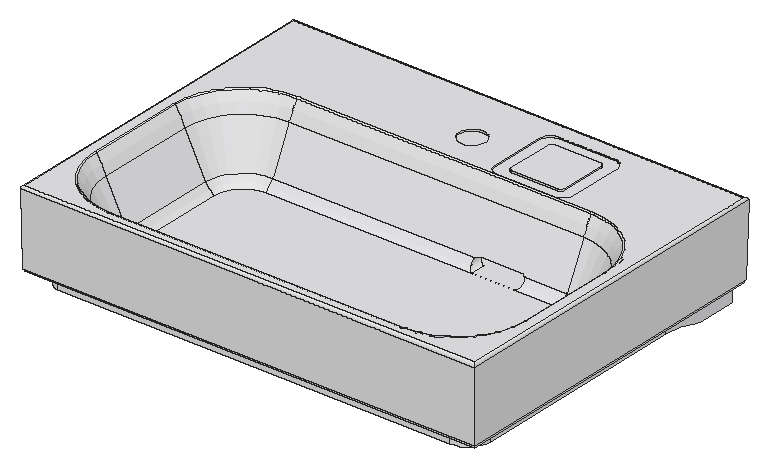
Revit family "Sink-Vanity_Top-Lavatory-KOHLER-MAXISPACE-K-96120T_1", category Plumbing Fixtures, host Face, Revit 2017
Family settings
  Host = Face
  Round Connector Dimension = Use Diameter
  Part Type = Normal
  OmniClass Number = 23.31.13.00
  OmniClass Title = Sinks
  Cut with Voids When Loaded = No
  Shared = No
  Room Calculation Point = No
Parameters (values of type "0-White")
  Width = 23 159/256"  # constant formula
  WaterSense Certified = 1 = 0  # no
  Waste Water Outlet = "Waste Water Outlet"  # constant formula
  Waste Connection = 1 = 1  # yes
  Vent Connection = 1 = 0  # no
  URL = "http://www.kohler.com.cn/"
  Type = 1
  Product Page URL = "https://www.kohler.com.cn/product/K-96120T-1-0/K-96120T-1-0/"
  Product Name = "MAXISPACE\r\n"  # constant formula
  Product Documentation Link = "https://files.kohler.com.cn/pdfs/96120T-1-0.pdf"
  Model = "K-96120T-1-0"  # constant formula
  Material = "Fireclay"  # constant formula
  Master Format 2014 Name = "Residential Lavatories and Sinks"  # constant formula
  Master Format 2014 = "22 41 16"  # constant formula
  Manufacturer Address = "Kohler Beijing Office (100016) 36-2-03-B, No. 88, Liuxiang Road, Beijing"  # constant formula
  Manufacturer = "KOHLER Co."  # constant formula
  Length = 17 183/256"  # constant formula
  Hot Water Inlet = "Hot Water Inlet"  # constant formula
  Height = 5 181/256"  # constant formula
  HW Connection = 1 = 0  # no
  Finish = KOHLER-Fireclay-0-White
  Environmental Product Declaration = ""
  Drain Included = 1 = 0  # no
  Description = "Bona 600mm integrated basin"  # constant formula
  Default Elevation = 36"
  Declare Label = ""
  Date Modified = "07/24/2020"  # constant formula
  Date Created = "07/24/2020"  # constant formula
  Copyright = "Copyright KOHLER Co."  # constant formula
  Contact Us = "http://www.kohler.com.cn/contact/contact-us/"
  Cold Water Inlet = "Cold Water Inlet"  # constant formula
  CW Connection = 1 = 0  # no
  Assembly Code = "D2010400"
  ADA Compliant = 1 = 0  # no
Reference planes (in)
  plane 1 "Center (Front/Back)": y = 0
  plane 2: z = 0
  plane 3 "Center (Left/Right)": x = 0
  plane 4: x = -11.8110236
  plane 5: y = 8.8582677
  plane 6: x = 11.8100701
  plane 7: y = -8.856576
  plane 8: x = 10.984252
  plane 9: x = -10.984252
  plane 10: y = -8.1102362
  plane 11: y = 3.7007874
  plane 12: y = 5.7086614
  plane 13: y = 5.9448819
  plane 14: x = 4.1732283
  plane 15: z = 3.9370079
  plane 16: z = -1.7700234
Forms (in)
  Extrusion 1, void
    sketch origin (0, 0, 0) x (1, 0, 0) y (0, 1, 0)
      loop
        line (-11.3248032, 8.8619154) -> (-11.3248032, -8.3602237) -> (11.3248032, -8.3602237) -> (11.3248032, 8.8619154) -> (-11.3248032, 8.8619154)
    from -1.7716535 to 0
Dimensions and locks (in)
  "Width": plane 4 to plane 6
  "Length": plane 7 to plane 5
  "Height": plane 15 to plane 16
  locked: plane 15 to plane 2 at 3.9370079
  aligned and locked: plane 2 to host face
  aligned and locked: level to host face
Automatic sketch dimensions
  host sketch curve to host sketch curve = 96"  (x2)
  Extrusion 1 sketch curve to plane 4 = 0.48622"
  Extrusion 1 sketch curve to plane 5 = 0.00365"
  plane 6 to Extrusion 1 sketch curve = 0.48527"
  Extrusion 1 sketch curve to plane 7 = 0.49635"
Nested families (in)
  nested 1: "K-96120T" at (0, 0, -1.7716535), type "K-96120T"
Connectors (in)
  piping at (4.1732283, 5.9448819, -1.7716535), diameter 1.25, driven by "Waste Connection", driven by "Waste Water Outlet"
    settings: on nested 1, index 1, connector inside diameter 24", connector length 0", flow factor 0, pipe flow 0 GPM, pressure drop 0.00 psi, fitting loss kfactor 0, connector angle 0.00°, fixture units 0, engagement length 0", angle of deflection 0.00°, flow configuration 0, flow direction 2, fitting loss method 0, system type 16, joint type 0, gender type 0, connector reference index -1, connector utility 1, adjustable connector no, is connector primary yes, connector description "Waste Water Outlet"
Definition of nested family "K-96120T"
  Parameters (values of type "K-96120T")
    Material = none
  Reference planes (in)
    plane 1 "Center (Front/Back)": y = 0
    plane 2: z = 0
    plane 3 "Center (Left/Right)": x = 0
    plane 4: x = -11.8110236
    plane 5: x = 11.8110236
    plane 6: y = -8.8582677
    plane 7: y = 8.8582677
    plane 8: x = 4.1732283
    plane 9: y = 5.7086614
    plane 10 "A": y = 5.9448819
    plane 11: y = 3.7007874
    plane 12: y = -8.1102362
    plane 13: x = -10.984252
    plane 14: x = 10.984252
    plane 15: z = 5.7086614
    plane 16: z = 1.7716535
  Forms (in)
    Sweep 1, solid, material <- "Material", detail levels medium+fine
      path origin (0, 0, 0) x (1, 0, 0) y (0, 1, 0)
        loop
          line (-11.8110236, 8.8582677) -> (-11.8110236, -8.8582677) -> (11.8110236, -8.8582677) -> (11.8110236, 8.8582677) -> (-11.8110236, 8.8582677)
      profile origin (-11.8110236, 0, 0) x (1, 0, 0) y (0, 0, 1)
        loop
          line (0.0577986, 1.8700787) -> (0.1181102, 1.8700787) -> (0.1181102, 1.7716535) -> (0.2362205, 1.7716535) -> (0.2362205, 5.728333) -> (0.1363312, 5.728333)
          arc (0.1363312, 5.728333) -> (0.0380587, 5.6871672) -> (-0.0015339, 5.5882504) r 0.1378826
          line (-0.0015339, 5.5882504) -> (0.0577986, 1.8700787)
    Sweep 2, solid, material <- "Material", detail levels medium+fine
      path origin (0, 0, 0) x (1, 0, 0) y (0, 1, 0)
        loop
          line (7.6377953, 3.7007874) -> (-7.6377953, 3.7007874)
          arc (-7.6377953, 3.7007874) -> (-10.0040975, 2.7206329) -> (-10.984252, 0.3543307) r 3.3464567
          line (-10.984252, 0.3543307) -> (-10.984252, -4.7637795)
          arc (-10.984252, -4.7637795) -> (-10.0040975, -7.1300817) -> (-7.6377953, -8.1102362) r 3.3464567
          line (-7.6377953, -8.1102362) -> (7.6377953, -8.1102362)
          arc (7.6377953, -8.1102362) -> (10.0040975, -7.1300817) -> (10.984252, -4.7637795) r 3.3464567
          line (10.984252, -4.7637795) -> (10.984252, 0.3543307)
          arc (10.984252, 0.3543307) -> (10.0040975, 2.7206329) -> (7.6377953, 3.7007874) r 3.3464567
      profile origin (-10.984252, -2.2047244, 0) x (1, 0, 0) y (0, 0, 1)
        loop
          arc (1.4011478, 2.6504115) -> (0.8077612, 3.6983084) -> (0.3231575, 4.8007396) r 11.9174289
          arc (0.3231575, 4.8007396) -> (0.1140953, 5.2601686) -> (-0.1514199, 5.6894513) r 3.9810976
          arc (-0.1514199, 5.6894513) -> (-0.1843508, 5.7180486) -> (-0.2267324, 5.7283465) r 0.0923613
          line (-0.2267324, 5.7283465) -> (-0.261034, 5.7283465) -> (-0.261034, 5.6212748) -> (1.2457771, 1.6958979) -> (3.1059737, 1.6958979) -> (3.1059737, 1.791352) -> (2.9643334, 1.791352)
          arc (2.9643334, 1.791352) -> (2.0724909, 2.0202661) -> (1.4011478, 2.6504115) r 1.8517531
    Extrusion 3, solid, material <- "Material", detail levels medium+fine
      sketch origin (0, 0, 0) x (1, 0, 0) y (0, 1, 0)
        loop
          arc (-7.8782782, -4.7637795) -> (-7.8078424, -4.9338267) -> (-7.6377953, -5.0042625) r 0.240483
          line (-7.6377953, -5.0042625) -> (7.6377953, -5.0042625)
          arc (7.6377953, -5.0042625) -> (7.8078424, -4.9338267) -> (7.8782782, -4.7637795) r 0.240483
          line (7.8782782, -4.7637795) -> (7.8782782, 0.3543307)
          arc (7.8782782, 0.3543307) -> (7.8078424, 0.5243778) -> (7.6377953, 0.5948137) r 0.240483
          line (7.6377953, 0.5948137) -> (-7.6377953, 0.5948137)
          arc (-7.6377953, 0.5948137) -> (-7.8078424, 0.5243778) -> (-7.8782782, 0.3543307) r 0.240483
          line (-7.8782782, 0.3543307) -> (-7.8782782, -4.7637795)
      from 1.6958979 to 1.7913386
    Extrusion 4, solid, material <- "Material", detail levels medium+fine
      sketch origin (0, 0, 0) x (1, 0, 0) y (0, 1, 0)
        loop
          line (-11.5748032, 8.6220473) -> (-11.5748032, -8.6220473) -> (11.5748032, -8.6220473) -> (11.5748032, 8.6220473) -> (-11.5748032, 8.6220473)
        loop
          line (7.6377953, 3.9618214) -> (-7.6377953, 3.9618214)
          arc (-7.6377953, 3.9618214) -> (-10.1886764, 2.9052118) -> (-11.2452859, 0.3543307) r 3.6074907
          line (-11.2452859, 0.3543307) -> (-11.2452859, -4.7637795)
          arc (-11.2452859, -4.7637795) -> (-10.1886764, -7.3146606) -> (-7.6377953, -8.3712702) r 3.6074907
          line (-7.6377953, -8.3712702) -> (7.6377953, -8.3712702)
          arc (7.6377953, -8.3712702) -> (10.1886764, -7.3146606) -> (11.2452859, -4.7637795) r 3.6074907
          line (11.2452859, -4.7637795) -> (11.2452859, 0.3543307)
          arc (11.2452859, 0.3543307) -> (10.1886764, 2.9052118) -> (7.6377953, 3.9618214) r 3.6074907
      from 5.6212748 to 5.728333
    Extrusion 5, solid, material <- "Material", detail levels medium+fine
      sketch origin (0, 0, 0) x (1, 0, 0) y (0, 1, 0)
        loop
          line (-10.4820263, -8.0651386) -> (9.8709072, -8.0651386)
          arc (9.8709072, -8.0651386) -> (10.7060727, -7.7192017) -> (11.0520096, -6.8840362) r 1.1811024
          line (11.0520096, -6.8840362) -> (11.0520096, 4.4756074) -> (9.9073734, 4.4756074) -> (9.9073734, -6.3455879)
          arc (9.9073734, -6.3455879) -> (9.6767488, -6.9023648) -> (9.1199718, -7.1329894) r 0.7874016
          line (9.1199718, -7.1329894) -> (-9.1405397, -7.1329894)
          arc (-9.1405397, -7.1329894) -> (-9.6973167, -6.9023648) -> (-9.9279413, -6.3455879) r 0.7874016
          line (-9.9279413, -6.3455879) -> (-9.9279413, 4.4756074) -> (-11.0725774, 4.4756074) -> (-11.0725774, -7.4745874)
          arc (-11.0725774, -7.4745874) -> (-10.899609, -7.8921701) -> (-10.4820263, -8.0651386) r 0.5905512
      from 1.003937 to 1.7913386
    Extrusion 6, solid, material <- "Material", detail levels medium+fine
      sketch origin (0, 0, 0) x (1, 0, 0) y (0, 1, 0)
        loop
          line (11.5748032, 8.2734441) -> (-11.5748032, 8.2734441) -> (-11.5748032, -8.6220473) -> (11.5748032, -8.6220473) -> (11.5748032, 8.2734441)
      from 1.7913386 to 2.1850394
    Extrusion 7, void
      sketch origin (0, 0, 0) x (1, 0, 0) y (0, 1, 0)
        loop
          circle (0, 5.7086614) r 0.6875821
        loop
          arc (2.7597454, 7.9357026) -> (2.3421609, 7.7627351) -> (2.1691916, 7.3451515) r 0.5905512
          line (2.1691916, 7.3451515) -> (2.1691916, 4.4652373)
          arc (2.1691916, 4.4652373) -> (2.318764, 4.1041388) -> (2.6798632, 3.954568) r 0.5106693
          line (2.6798632, 3.954568) -> (5.6379752, 3.9545812)
          arc (5.6379752, 3.9545812) -> (6.0555562, 4.1275506) -> (6.2285237, 4.5451324) r 0.5905512
          line (6.2285237, 4.5451324) -> (6.2285237, 7.2999939)
          arc (6.2285237, 7.2999939) -> (6.0423336, 7.7494979) -> (5.5928305, 7.93569) r 0.6356961
          line (5.5928305, 7.93569) -> (2.7597454, 7.9357026)
        loop
          arc (2.8016271, 4.7377953) -> (2.8592832, 4.598601) -> (2.9984775, 4.5409449) r 0.1968504
          line (2.9984775, 4.5409449) -> (5.3732806, 4.5409449)
          arc (5.3732806, 4.5409449) -> (5.5124749, 4.598601) -> (5.570131, 4.7377953) r 0.1968504
          line (5.570131, 4.7377953) -> (5.570131, 7.1125984)
          arc (5.570131, 7.1125984) -> (5.5124749, 7.2517927) -> (5.3732806, 7.3094488) r 0.1968504
          line (5.3732806, 7.3094488) -> (2.9984775, 7.3094488)
          arc (2.9984775, 7.3094488) -> (2.8592832, 7.2517927) -> (2.8016271, 7.1125984) r 0.1968504
          line (2.8016271, 7.1125984) -> (2.8016271, 4.7377953)
      from 5.6672494 to 6.5698242
    Extrusion 8, solid, material <- "Material", detail levels medium+fine
      sketch origin (0, 0, 0) x (0, 1, 0) y (0, 0, 1)
        loop
          line (8.7401575, 0.6102362) -> (8.7401575, 1.791653) -> (4.4756074, 1.791653) -> (4.4756074, 1.003937)
          arc (4.4756074, 1.003937) -> (5.4184032, 0.9219457) -> (6.3332433, 0.6797592) r 5.5073679
          arc (6.3332433, 0.6797592) -> (6.5298602, 0.6277468) -> (6.7324853, 0.6102362) r 1.1811024
          line (6.7324853, 0.6102362) -> (8.7401575, 0.6102362)
      from -11.0725774 to -9.9279413
    Extrusion 9, solid, material <- "Material", detail levels medium+fine
      sketch origin (21.0629921, 0, 0) x (0, 1, 0) y (0, 0, 1)
        loop
          line (8.7401575, 0.6102362) -> (8.7401575, 1.791653) -> (4.4756074, 1.791653) -> (4.4756074, 1.003937)
          arc (4.4756074, 1.003937) -> (5.4184032, 0.9219457) -> (6.3332433, 0.6797592) r 5.5073679
          arc (6.3332433, 0.6797592) -> (6.5298602, 0.6277468) -> (6.7324853, 0.6102362) r 1.1811024
          line (6.7324853, 0.6102362) -> (8.7401575, 0.6102362)
      from -11.1556187 to -10.0109826
    Extrusion 10, void
      sketch origin (0, 0, 0) x (1, 0, 0) y (0, 0, 1)
        loop
          line (8.584273, 2.3818898) -> (8.4893215, 4.1936713)
          arc (8.4893215, 4.1936713) -> (8.329806, 4.5396872) -> (7.9759159, 4.680875) r 0.5141102
          line (7.9759159, 4.680875) -> (6.7327954, 4.680875)
          arc (6.7327954, 4.680875) -> (6.3910062, 4.5436498) -> (6.239003, 4.2081716) r 0.4942628
          line (6.239003, 4.2081716) -> (6.1592658, 2.3818898) -> (8.584273, 2.3818898)
        loop
          line (0.047194, 2.3818898) -> (-0.043961, 4.1212309)
          arc (-0.043961, 4.1212309) -> (-0.2271942, 4.5186945) -> (-0.6337028, 4.680875) r 0.5905512
          line (-0.6337028, 4.680875) -> (-5.7380218, 4.680875)
          arc (-5.7380218, 4.680875) -> (-6.1445304, 4.5186945) -> (-6.3277636, 4.1212309) r 0.5905512
          line (-6.3277636, 4.1212309) -> (-6.4189186, 2.3818898) -> (0.047194, 2.3818898)
        loop
          line (0.9117001, 4.3503937) -> (0.5237995, 4.3503937)
          arc (0.5237995, 4.3503937) -> (0.1300988, 3.9566929) -> (0.5237995, 3.5629921) r 0.3937008
          line (0.5237995, 3.5629921) -> (0.9117001, 3.5629921)
          arc (0.9117001, 3.5629921) -> (1.3054009, 3.9566929) -> (0.9117001, 4.3503937) r 0.3937008
        loop
          line (-7.2422413, 3.5629921) -> (-6.8517457, 3.5629921)
          arc (-6.8517457, 3.5629921) -> (-6.4580449, 3.9566929) -> (-6.8517457, 4.3503937) r 0.3937008
          line (-6.8517457, 4.3503937) -> (-7.2422413, 4.3503937)
          arc (-7.2422413, 4.3503937) -> (-7.6359421, 3.9566929) -> (-7.2422413, 3.5629921) r 0.3937008
      from -9.1479589 to -8.6973439
    Extrusion 11, void
      sketch origin (0, 0, 0) x (1, 0, 0) y (0, 0, 1)
        loop
          arc (9.9073734, 1.8763015) -> (9.8169462, 2.0946121) -> (9.5986355, 2.1850394) r 0.3087379
          line (9.5986355, 2.1850394) -> (-9.6208546, 2.1850394)
          arc (-9.6208546, 2.1850394) -> (-9.8379977, 2.0950958) -> (-9.9279413, 1.8779528) r 0.3070866
          line (-9.9279413, 1.8779528) -> (-9.9279413, 0.6102362) -> (9.9073734, 0.6102362) -> (9.9073734, 1.8763015)
      from -9.6015063 to -7.5850394
    Revolve 12, solid, material <- "Material", detail levels medium+fine
      sketch origin (0, 5.9448819, 0) x (-1, 0, 0) y (0, 0, 1)
        loop
          line (-4.1732283, 0.2986093) -> (-3.8250049, 0.2986093) -> (-3.8250049, 0) -> (-2.9628383, 0)
          arc (-2.9628383, 0) -> (-2.8735642, 0.0239209) -> (-2.8082111, 0.0892741) r 0.1785481
          line (-2.8082111, 0.0892741) -> (-2.6720182, 0.325167)
          arc (-2.6720182, 0.325167) -> (-2.5928963, 0.4155884) -> (-2.4853117, 0.4690848) r 0.3096478
          arc (-2.4853117, 0.4690848) -> (-2.2496504, 0.6213346) -> (-2.1449591, 0.8816345) r 0.463615
          line (-2.1449591, 0.8816345) -> (-2.0470463, 2.1847715) -> (-4.1732283, 2.1847715) -> (-4.1732283, 0.2986093)
        axis (-4.1732283, 2.1847715) -> (-4.1732283, 0)
      angle from 0 to 360
    Extrusion 13, solid, material <- "Material", detail levels medium+fine
      sketch origin (0, 0, 0) x (0, 1, 0) y (0, 0, 1)
        loop
          arc (3.1001192, 0.4793129) -> (3.7948288, 0.6573237) -> (4.2416849, 1.2182417) r 1.1275642
          line (4.2416849, 1.2182417) -> (-5.8964638, 1.2182417) -> (-5.8964638, 1.0032103) -> (3.1001192, 0.4793129)
      from -9.9279413 to 9.9073734
    Extrusion 14, void
      sketch origin (0, 0, 0) x (1, 0, 0) y (0, 1, 0)
        loop
          circle (4.1732283, 5.9448819) r 2.3622047
      from -0.0767747 to 2.7589896
    Extrusion 15, void
      sketch origin (0, 0, 0) x (1, 0, 0) y (0, 0, 1)
        loop
          line (6.2438462, 1.6175654) -> (6.2937246, 2.1847715) -> (2.0470463, 2.1847715) -> (2.0945205, 1.6175654) -> (6.2438462, 1.6175654)
      from -9.6902779 to -7.3094488
    Extrusion 16, void
      sketch origin (0, 0, 1.1626476) x (1, 0, 0) y (0, 0, 1)
        loop
          arc (3.1182043, 1.5910282) -> (2.8242953, 1.2971192) -> (3.1182043, 1.0032103) r 0.293909
          line (3.1182043, 1.0032103) -> (5.2214251, 1.0032103)
          arc (5.2214251, 1.0032103) -> (5.5153341, 1.2971192) -> (5.2214251, 1.5910282) r 0.293909
          line (5.2214251, 1.5910282) -> (3.1182043, 1.5910282)
      from -2.7969812 to -1.7653399
    Extrusion 17, solid, material <- "Material", detail levels coarse
      sketch origin (0, 0, 0) x (1, 0, 0) y (0, 1, 0)
        loop
          line (-11.8110236, 8.8582677) -> (-11.8110236, -8.8582677) -> (11.8110236, -8.8582677) -> (11.8110236, 8.8582677) -> (-11.8110236, 8.8582677)
        loop
          arc (-6.7177269, 3.9618214) -> (-9.9191946, 2.63573) -> (-11.2452859, -0.5657377) r 4.5275591
          line (-11.2452859, -0.5657377) -> (-11.2452859, -3.8437111)
          arc (-11.2452859, -3.8437111) -> (-9.9191946, -7.0451788) -> (-6.7177269, -8.3712702) r 4.5275591
          line (-6.7177269, -8.3712702) -> (6.7177269, -8.3712702)
          arc (6.7177269, -8.3712702) -> (9.9191946, -7.0451788) -> (11.2452859, -3.8437111) r 4.5275591
          line (11.2452859, -3.8437111) -> (11.2452859, -0.5657377)
          arc (11.2452859, -0.5657377) -> (9.9191946, 2.63573) -> (6.7177269, 3.9618214) r 4.5275591
          line (6.7177269, 3.9618214) -> (-6.7177269, 3.9618214)
      from 1.7716535 to 5.728333
    Revolve 18, solid, material <- "Material", detail levels coarse
      sketch origin (0, 5.9448819, 0) x (-1, 0, 0) y (0, 0, 1)
        loop
          line (-4.1732283, 0) -> (-2.2112018, 0) -> (-2.0470463, 2.1847715) -> (-4.1732283, 2.1847715) -> (-4.1732283, 0)
        axis (-4.1732283, 2.1847715) -> (-4.1732283, 0)
      angle from 0 to 360
    Extrusion 19, solid, material <- "Material", detail levels coarse
      sketch origin (0, 0, 0) x (1, 0, 0) y (0, 1, 0)
        loop
          line (6.7177269, 3.9618214) -> (-6.7177269, 3.9618214)
          arc (-6.7177269, 3.9618214) -> (-9.9191946, 2.63573) -> (-11.2452859, -0.5657377) r 4.5275591
          line (-11.2452859, -0.5657377) -> (-11.2452859, -3.8437111)
          arc (-11.2452859, -3.8437111) -> (-9.9191946, -7.0451788) -> (-6.7177269, -8.3712702) r 4.5275591
          line (-6.7177269, -8.3712702) -> (6.7177269, -8.3712702)
          arc (6.7177269, -8.3712702) -> (9.9191946, -7.0451788) -> (11.2452859, -3.8437111) r 4.5275591
          line (11.2452859, -3.8437111) -> (11.2452859, -0.5657377)
          arc (11.2452859, -0.5657377) -> (9.9191946, 2.63573) -> (6.7177269, 3.9618214) r 4.5275591
      from 1.7913386 to 2.1847715
  Cuts and joins
    Extrusion 10, Extrusion 11, Extrusion 14 cuts Sweep 1
    Extrusion 16 cuts Sweep 2
    Extrusion 7 cuts Extrusion 4
    joined: Sweep 1, Sweep 2, Extrusion 3, Extrusion 4, Extrusion 5, Revolve 12, Extrusion 13
    joined: Extrusion 8, Extrusion 9
    Extrusion 14, Extrusion 15 cuts Extrusion 6
    joined: Extrusion 17, Revolve 18, Extrusion 19
  Lines and regions (in)
    Masking region 1
      outline origin (0, 0, 0) x (1, 0, 0) y (0, 1, 0)
        loop
          line (-11.8110236, 8.4645669) -> (-11.8110236, -8.4645669)
          arc (-11.8110236, -8.4645669) -> (-11.6957113, -8.7429554) -> (-11.4173228, -8.8582677) r 0.3937008
          line (-11.4173228, -8.8582677) -> (11.4173228, -8.8582677)
          arc (11.4173228, -8.8582677) -> (11.6957113, -8.7429554) -> (11.8110236, -8.4645669) r 0.3937008
          line (11.8110236, -8.4645669) -> (11.8110236, 8.4645669)
          arc (11.8110236, 8.4645669) -> (11.6957113, 8.7429554) -> (11.4173228, 8.8582677) r 0.3937008
          line (11.4173228, 8.8582677) -> (-11.4173228, 8.8582677)
          arc (-11.4173228, 8.8582677) -> (-11.6957113, 8.7429554) -> (-11.8110236, 8.4645669) r 0.3937008
    Masking region 2
      outline origin (0, 0, 0) x (1, 0, 0) y (0, 0, 1)
        loop
          arc (-11.6998568, 5.7086614) -> (-11.7802577, 5.6749819) -> (-11.8126501, 5.5940538) r 0.1128077
          line (-11.8126501, 5.5940538) -> (-11.753225, 1.8700787) -> (-11.6929134, 1.8700787) -> (-11.6929134, 1.7716535) -> (-11.0725774, 1.7716535) -> (-11.0725774, 0.8464567)
          arc (-11.0725774, 0.8464567) -> (-11.0033901, 0.6794236) -> (-10.836357, 0.6102362) r 0.2362205
          line (-10.836357, 0.6102362) -> (-9.9279413, 0.6102362)
          arc (-9.9279413, 0.6102362) -> (-3.6727625, 0.5420528) -> (2.5794438, 0.3375349) r 286.9605635
          arc (2.5794438, 0.3375349) -> (2.6542742, 0.3148374) -> (2.7089618, 0.2589444) r 0.1574803
          line (2.7089618, 0.2589444) -> (2.8584634, 0) -> (5.3838115, 0)
          arc (5.3838115, 0) -> (5.4740355, 0.0241755) -> (5.5400841, 0.090224) r 0.1804481
          line (5.5400841, 0.090224) -> (5.642847, 0.2682145)
          arc (5.642847, 0.2682145) -> (5.6920093, 0.3205956) -> (5.7593213, 0.3456913) r 0.1574803
          arc (5.7593213, 0.3456913) -> (7.8394384, 0.5440335) -> (9.9279413, 0.6102362) r 32.9762054
          line (9.9279413, 0.6102362) -> (10.836357, 0.6102362)
          arc (10.836357, 0.6102362) -> (11.0033901, 0.6794236) -> (11.0725774, 0.8464567) r 0.2362205
          line (11.0725774, 0.8464567) -> (11.0725774, 1.7716535) -> (11.6929134, 1.7716535) -> (11.6929134, 1.8700787) -> (11.753225, 1.8700787) -> (11.8126501, 5.5940538)
          arc (11.8126501, 5.5940538) -> (11.7802577, 5.6749819) -> (11.6998568, 5.7086614) r 0.1128077
          line (11.6998568, 5.7086614) -> (-11.6998568, 5.7086614)
    Masking region 3
      outline origin (0, 0, 0) x (0, 1, 0) y (0, 0, 1)
        loop
          line (8.756935, 5.7086614) -> (-8.7520779, 5.7086614)
          arc (-8.7520779, 5.7086614) -> (-8.8289877, 5.6764443) -> (-8.8599736, 5.5990302) r 0.1079095
          line (-8.8599736, 5.5990302) -> (-8.8004691, 1.8700787) -> (-8.7401575, 1.8700787) -> (-8.7401575, 1.7716535) -> (-8.3287156, 1.7716535)
          arc (-8.3287156, 1.7716535) -> (-8.2003721, 1.7240614) -> (-8.1340873, 1.6042976) r 0.1968504
          line (-8.1340873, 1.6042976) -> (-8.0836857, 1.2717066)
          arc (-8.0836857, 1.2717066) -> (-7.97763, 1.0800844) -> (-7.7722805, 1.003937) r 0.3149606
          line (-7.7722805, 1.003937) -> (-7.4156651, 1.003937)
          arc (-7.4156651, 1.003937) -> (-7.3064042, 1.0234958) -> (-7.2107134, 1.0797429) r 0.3149606
          line (-7.2107134, 1.0797429) -> (3.1001192, 0.4793129)
          arc (3.1001192, 0.4793129) -> (3.5083978, 0.5245654) -> (3.8733733, 0.7130651) r 1.1275642
          arc (3.8733733, 0.7130651) -> (3.9099205, 0.6963127) -> (3.9374849, 0.667046) r 0.104927
          arc (3.9374849, 0.667046) -> (4.0715549, 0.531631) -> (4.2502338, 0.4654051) r 0.441091
          arc (4.2502338, 0.4654051) -> (4.4308934, 0.3767183) -> (4.52315, 0.1978553) r 0.3207395
          line (4.52315, 0.1978553) -> (4.5345237, 0.1260446)
          arc (4.5345237, 0.1260446) -> (4.5850632, 0.0357999) -> (4.682103, 0) r 0.1494189
          line (4.682103, 0) -> (7.1584482, 0)
          arc (7.1584482, 0) -> (7.255488, 0.0357999) -> (7.3060275, 0.1260446) r 0.1494189
          line (7.3060275, 0.1260446) -> (7.3174012, 0.1978553)
          arc (7.3174012, 0.1978553) -> (7.4096578, 0.3767183) -> (7.5903174, 0.4654051) r 0.3207395
          arc (7.5903174, 0.4654051) -> (7.7383851, 0.5135972) -> (7.860481, 0.6102362) r 0.441091
          line (7.860481, 0.6102362) -> (8.8582637, 0.6102362) -> (8.8582637, 5.6073327)
          arc (8.8582637, 5.6073327) -> (8.8285852, 5.6789829) -> (8.756935, 5.7086614) r 0.1013287
    symbolic lines
      curve 1: circle (0, 5.7086614, 0) r 0.6875821 normal (0, 0, 1)
      curve 21: line (6.4566929, 3.7007874, 0) -> (-6.4566929, 3.7007874, 0)
      curve 22: line (-6.4566929, -8.1102362, 0) -> (6.4566929, -8.1102362, 0)
      curve 23: line (-10.984252, -0.8267717, 0) -> (-10.984252, -3.5826772, 0)
      curve 24: line (10.984252, -0.8267717, 0) -> (10.984252, -3.5826772, 0)
      curve 25: arc (-10.984252, -0.8267717, 0) -> (-9.6581606, 2.3746961, 0) -> (-6.4566929, 3.7007874, 0) r 4.5275591
      curve 26: arc (6.4566929, 3.7007874, 0) -> (9.6581606, 2.3746961, 0) -> (10.984252, -0.8267717, 0) r 4.5275591
      curve 27: arc (6.4566929, -8.1102362, 0) -> (9.6581606, -6.7841449, 0) -> (10.984252, -3.5826772, 0) r 4.5275591
      curve 28: arc (-6.4566929, -8.1102362, 0) -> (-9.6581606, -6.7841449, 0) -> (-10.984252, -3.5826772, 0) r 4.5275591
    symbolic lines, detail levels medium+fine
      curve 2: line (2.1691916, 7.3451515, 0) -> (2.1691916, 4.4652373, 0)
      curve 3: arc (2.7597454, 7.9357026, 0) -> (2.3421609, 7.7627351, 0) -> (2.1691916, 7.3451515, 0) r 0.5905512
      curve 4: line (5.5928305, 7.93569, 0) -> (2.7597454, 7.9357026, 0)
      curve 5: arc (6.2285237, 7.2999939, 0) -> (6.0423336, 7.7494979, 0) -> (5.5928305, 7.93569, 0) r 0.6356961
      curve 6: line (6.2285237, 4.5451324, 0) -> (6.2285237, 7.2999939, 0)
      curve 7: arc (5.7301622, 3.9618214, 0) -> (6.0869678, 4.1615258, 0) -> (6.2285237, 4.5451324, 0) r 0.5905512
      curve 8: arc (2.1691916, 4.4652373, 0) -> (2.2896172, 4.1358546, 0) -> (2.5940967, 3.9618214, 0) r 0.5106693
      curve 9: line (2.8016271, 4.7377953, 0) -> (2.8016271, 7.1125984, 0)
      curve 10: line (2.9984775, 7.3094488, 0) -> (5.3732806, 7.3094488, 0)
      curve 11: line (5.570131, 7.1125984, 0) -> (5.570131, 4.7377953, 0)
      curve 12: line (5.3732806, 4.5409449, 0) -> (2.9984775, 4.5409449, 0)
      curve 13: arc (5.570131, 4.7377953, 0) -> (5.5124749, 4.598601, 0) -> (5.3732806, 4.5409449, 0) r 0.1968504
      curve 14: arc (2.9984775, 4.5409449, 0) -> (2.8592832, 4.598601, 0) -> (2.8016271, 4.7377953, 0) r 0.1968504
      curve 15: arc (2.8016271, 7.1125984, 0) -> (2.8592832, 7.2517927, 0) -> (2.9984775, 7.3094488, 0) r 0.1968504
      curve 16: arc (5.3732806, 7.3094488, 0) -> (5.5124749, 7.2517927, 0) -> (5.570131, 7.1125984, 0) r 0.1968504
      curve 17: line (5.2439969, 2.4078438, 0) -> (3.095657, 2.4078438, 0)
      curve 18: line (3.0900785, 2.7445582, 0) -> (5.2495227, 2.7445582, 0)
      curve 19: spline (3.095657, 2.4078438, 0) -> (3.0212857, 2.4200412, 0) -> (2.9542958, 2.4402211, 0) -> (2.8981065, 2.4673535, 0) -> (2.8555854, 2.5000536, 0) -> (2.8289027, 2.5366526, 0) -> (2.8194201, 2.5752826, 0) -> (2.8276217, 2.6139719, 0) -> (2.8530888, 2.6507461, 0) -> (2.8945218, 2.6837282, 0) -> (2.9498059, 2.711235, 0) -> (3.0161196, 2.7318626, 0) -> (3.0900785, 2.7445582, 0)
      curve 20: spline (5.2495227, 2.7445582, 0) -> (5.3234839, 2.7318573, 0) -> (5.3898012, 2.7112249, 0) -> (5.44509, 2.683714, 0) -> (5.4865283, 2.6507288, 0) -> (5.5120014, 2.6139527, 0) -> (5.520209, 2.5752626, 0) -> (5.5107325, 2.5366332, 0) -> (5.4840553, 2.500036, 0) -> (5.4415391, 2.4673389, 0) -> (5.3853537, 2.4402106, 0) -> (5.3183667, 2.4200357, 0) -> (5.2439969, 2.4078438, 0)
      curve 29: line (-6.7177269, 3.9618214, 0) -> (6.7177269, 3.9618214, 0)
      curve 30: arc (6.7177269, 3.9618214, 0) -> (9.9191946, 2.63573, 0) -> (11.2452859, -0.5657377, 0) r 4.5275591
      curve 31: line (11.2452859, -0.5657377, 0) -> (11.2452859, -3.8437111, 0)
      curve 32: arc (11.2452859, -3.8437111, 0) -> (9.9191946, -7.0451788, 0) -> (6.7177269, -8.3712702, 0) r 4.5275591
      curve 33: line (6.7177269, -8.3712702, 0) -> (-6.7177269, -8.3712702, 0)
      curve 34: arc (-6.7177269, -8.3712702, 0) -> (-9.9191946, -7.0451788, 0) -> (-11.2452859, -3.8437111, 0) r 4.5275591
      curve 35: line (-11.2452859, -3.8437111, 0) -> (-11.2452859, -0.5657377, 0)
      curve 36: arc (-11.2452859, -0.5657377, 0) -> (-9.9191946, 2.63573, 0) -> (-6.7177269, 3.9618214, 0) r 4.5275591
      curve 37: line (-11.0725774, 0, 1.7716535) -> (11.0520183, 0, 1.7716535)
      curve 38: line (11.6929134, 0, 1.8700787) -> (-11.6929134, 0, 1.8700787)
      curve 39: line (2.5794438, 0, 0.3375349) -> (5.7593213, 0, 0.3456913)
      curve 40: line (-9.9279413, 0, 1.003937) -> (9.9279413, 0, 1.003937)
      curve 41: line (-9.9279413, 0, 0.8660229) -> (-9.9279413, 0, 1.7716535)
      curve 42: arc (-9.9279413, 0, 0.8660229) -> (-9.9933484, 0, 0.6945663) -> (-10.1563327, 0, 0.6102362) r 0.2574297
      curve 43: line (9.9279413, 0, 0.8660229) -> (9.9279413, 0, 1.7716535)
      curve 44: arc (9.9279413, 0, 0.8660229) -> (9.9933484, 0, 0.6945663) -> (10.1563327, 0, 0.6102362) r 0.2574297
      curve 45: line (0, -8.3287156, 1.7716535) -> (0, 8.8582677, 1.7716535)
      curve 46: line (0, 8.8582637, 1.8700787) -> (0, -8.7401575, 1.8700787)
      curve 47: line (0, 6.7324853, 0.6102348) -> (0, 7.8677858, 0.6102348)
      curve 48: arc (0, 6.3332433, 0.6797578) -> (0, 6.5298602, 0.6277453) -> (0, 6.7324853, 0.6102348) r 1.1811024
      curve 49: arc (0, 4.471616, 1.003937) -> (0, 5.4164372, 0.9222869) -> (0, 6.3332433, 0.6797578) r 5.5073679
      curve 50: line (0, 4.471616, 1.003937) -> (0, -5.7646045, 1.003937)
      curve 51: line (0, -7.1107047, 1.2492666) -> (0, -7.0185282, 1.7716535)
      curve 52: line (0, 3.8766953, 0.7155674) -> (0, 6.2303537, 0.7155674)
      curve 53: arc (0, -7.2107134, 1.0797429) -> (0, -7.1453579, 1.1554485) -> (0, -7.1107047, 1.2492666) r 0.2806055
      curve 54: arc (0, 3.8766953, 0.7155674) -> (0, 4.0334068, 0.8472255) -> (0, 4.1650649, 1.003937) r 1.1823668
  Dimensions and locks (in)
    plane 4 to plane 5 = 23.62205"
    plane 6 to plane 7 = 17.71654"
    plane 3 "Center (Left/Right)" to plane 8 = 4.17323"
    plane 7 to plane 9 = 3.14961"
    plane 7 to plane 10 "A" = 2.91339"
    plane 11 to plane 7 = 5.15748"
    plane 11 to plane 12 = 11.81102"
    plane 13 to plane 14 = 21.9685"
    plane 15 to plane 2 = 5.70866"
    plane 15 to plane 16 = 3.93701"
    aligned and locked: plane 2 to level
    aligned and locked: Extrusion 9 to Extrusion 5
